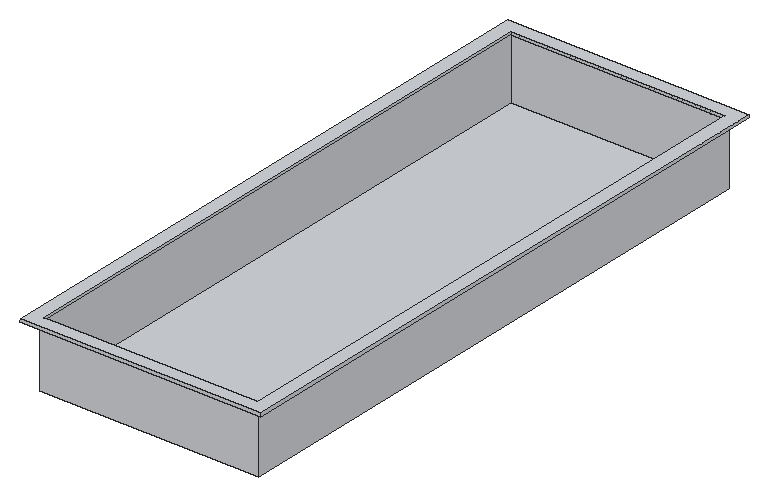
Revit family "Hager-Volta-IP30-Hollow_wall-vide-CH-fr", category Electrical Equipment, host Face, Revit 2020
Family settings
  Host = Face
  Panel Configuration = Two Columns, Circuits Across
  Round Connector Dimension = Use Diameter
  Part Type = Panelboard
  Cut with Voids When Loaded = No
  Shared = No
  Room Calculation Point = No
Parameters (values of type "Encastré  L330 H880 P94.5 12 Modules - VH60NK")
  Width Control [instance] = if([HG000006 - Encastré], if([EF000846 - largeur d'encastrement] > min_whd, [EF000846 - largeur d'encastrement], min_whd), if([EF000008 - largeur] > min_whd, ([EF000008 - largeur]), min_whd))  # 314 mm
  Void Depth [instance] = if([HG000006 - Encastré], Depth Control, 1 mm)  # 90 mm
  Type Comments = [HG000003 - Gamme]  # "Volta"
  System Height [instance] = Height Control - 2 * [HG000005 - Epaisseur]  # 840 mm
  Model = [HG000004 - Référence fabricant]  # "VH60NK"
  HG000017 - Distance entre pôles = 18 mm
  HG000016 - Visibilité de la porte 3D [instance] = yes
  HG000015 - Visibilité de l'emprise de la porte [instance] = no
  HG000014 - Porte à droite [instance] = yes
  HG000013 - Porte à gauche [instance] = not([HG000014 - Porte à droite])  # no
  HG000012 - Angle de pivotement de la porte [instance] = 45.00°
  HG000011 - Rangées du bas vides = no
  HG000010 - Portes asymétriques = no
  HG000009 - Porte à double battant = no
  HG000008 - Nombre de rangées vides = 0
  HG000007 - Nombre de colonnes vides = 0
  HG000006 - Encastré = yes
  HG000005 - Epaisseur = 3 mm  # constant formula
  HG000004 - Référence fabricant = "VH60NK"
  HG000003 - Gamme = "Volta"
  HG000002 - avec porte = no
  HG000001 - nombre de colonnes = 0
  EF015941 - porte pour transmission du signal = no
  EF015777 - borne à conducteur neutre = no
  EF015776 - borne de mise à la terre = no
  EF009212 - finition du couvercle = "EV000116 - fermé"
  EF006306 - avec serrure = no
  EF006244 - couvercle/porte transparent(e) = no
  EF005474 - indice de protection (IP) = ""
  EF004462 - type de fermeture = ""
  EF002950 - largeur en nombre de modules = 12
  EF001596 - matériau du boîtier/corps = "EV000139 - plastique"
  EF001134 - rail DIN = no
  EF001131 - profondeur intérieure = 92 mm
  EF001088 - possibilité de montage en saillie = yes
  EF001062 - finition CEM = yes
  EF000846 - largeur d'encastrement = 314 mm
  EF000339 - type de capot = ""
  EF000332 - hauteur d'encastrement = 846 mm
  EF000266 - nombre de rangées = 5
  EF000218 - profondeur d'encastrement = 90 mm
  EF000118 - avec cadre/support de montage = no
  EF000116 - numéro RAL = "9010"
  EF000049 - profondeur = 94 mm
  EF000040 - hauteur = 880 mm
  EF000008 - largeur = 330 mm
  EF000007 - couleur = "EV000202 - blanc"
  EF000003 - mode de pose = "EV000128 - mur creux"
  Arrow Offset [instance] = Depth Control / 8  # 11.25 mm
  Arrow Height [instance] = Depth Control - Arrow Offset  # 78.75 mm
  Host Offset [instance] = if([HG000006 - Encastré], 0 mm, [EF000049 - profondeur])  # 0 mm
  min_whd [instance] = (2 * [HG000005 - Epaisseur]) + 1 mm  # 7 mm
  Manufacturer = "Hager"  # constant formula
  Height Control [instance] = if([HG000006 - Encastré], if([EF000332 - hauteur d'encastrement] > min_whd, [EF000332 - hauteur d'encastrement], min_whd), if([EF000040 - hauteur] > min_whd, ([EF000040 - hauteur]), min_whd))  # 846 mm
  Flush Mounted - Door Frame Width [instance] = if(([EF000040 - hauteur] - [EF000332 - hauteur d'encastrement]) > 0 mm, if([HG000006 - Encastré], [EF000040 - hauteur] - [EF000332 - hauteur d'encastrement], 0 mm), 0 mm)  # 34 mm
  Depth Control [instance] = if([HG000006 - Encastré], if([EF000218 - profondeur d'encastrement] > 0 mm, [EF000218 - profondeur d'encastrement], 1 mm), if([EF000049 - profondeur] > 0 mm, ([EF000049 - profondeur]), 1 mm))  # 90 mm
  Default Elevation = 0 mm
Types (5, lengths in mm): name | System Height | Model | HG000004 - Référence fabricant | EF000332 - hauteur d'encastrement | EF000266 - nombre de rangées | EF000040 - hauteur | Height Control | Flush Mounted - Door Frame Width
  Encastré  L330 H355 P94.5 12 Modules - VH12NK | 340 | "VH12NK" | "VH12NK" | 346 | 1 | 355 | 346 | 9
  Encastré  L330 H484 P94.5 12 Modules - VH24NK | 465 | "VH24NK" | "VH24NK" | 471 | 2 | 484 | 471 | 13
  Encastré  L330 H609 P94.5 12 Modules - VH36NK | 590 | "VH36NK" | "VH36NK" | 596 | 3 | 609 | 596 | 13
  Encastré  L330 H734 P94.5 12 Modules - VH48NK | 715 | "VH48NK" | "VH48NK" | 721 | 4 | 734 | 721 | 13
  Encastré  L330 H880 P94.5 12 Modules - VH60NK | 840 | "VH60NK" | "VH60NK" | 846 | 5 | 880 | 846 | 34
Reference planes
  plane 1 "Center (Front/Back)": y = 0
  plane 2: z = 0
  plane 3 "Center (Left/Right)": x = 0
  plane 4: z = 0
  plane 5: y = 37
  plane 6: z = -5
  plane 7: y = 457
  plane 8: y = 34
  plane 9: y = 880
  plane 10: z = -90
  plane 11: x = -157
  plane 12: x = 157
  plane 13: x = 154
  plane 14: x = -154
  plane 15: y = 877
  plane 16: z = -87
  plane 17: z = -3
  plane 18: z = -90
  plane 19: z = -3
Forms (mm)
  Extrusion 1, solid
    sketch origin (-583.045, 34, 1219.2) x (-1, 0, 0) y (0, 0, 1)
      loop
        line (-426.045, -1219.2) -> (-740.045, -1219.2) -> (-740.045, -1309.2) -> (-426.045, -1309.2) -> (-426.045, -1219.2)
    from 0 to 846 <- "Height Control"
  Extrusion 2, void
    sketch origin (-381.607, -4572, 0) x (0, -1, 0) y (-1, 0, 0)
      loop
        line (-5449, -227.607) -> (-5449, -535.607) -> (-4609, -535.607) -> (-4609, -227.607) -> (-5449, -227.607)
    from 0 to 87
  Extrusion 3, void
    sketch origin (0, 0, 0) x (1, 0, 0) y (0, 1, 0)
      loop
        line (-157, 34) -> (157, 34) -> (157, 880) -> (-157, 880) -> (-157, 34)
    from -90 to 1
  Extrusion 4, solid, detail levels coarse+medium
    sketch origin (-381.607, -4572, 0) x (-1, 0, 0) y (0, -1, 0)
      loop
        line (-227.607, -5449) -> (-227.607, -4609) -> (-535.607, -4609) -> (-535.607, -5449) -> (-227.607, -5449)
    from 0 to -3
Cuts and joins
  Extrusion 2 cuts Extrusion 1
Dimensions and locks
  plane 4 to plane 6 = 5 mm
  "Host Offset": plane 4 to host face
  "Flush Mounted - Door Frame Width": plane 1 "Center (Front/Back)" to plane 8
  "HG000005 - Epaisseur": plane 5 to plane 8
  locked: connector elem to plane 3 "Center (Left/Right)"
  "Height Control": plane 9 to plane 8
  equal spacing: plane 9, plane 7, plane 8
  locked: connector elem to plane 7
  "Depth Control": plane 4 to plane 10
  "HG000005 - Epaisseur": plane 11 to plane 14
  "HG000005 - Epaisseur": plane 12 to plane 13
  equal spacing: plane 11, plane 3 "Center (Left/Right)", plane 12
  "Width Control": plane 11 to plane 12
  "Arrow Offset": nested 4 to plane 10
  "HG000005 - Epaisseur": plane 9 to plane 15
  "HG000005 - Epaisseur": plane 16 to plane 10
  "HG000005 - Epaisseur": plane 4 to plane 17
  "Void Depth": plane 2 to plane 18
  "HG000005 - Epaisseur": plane 4 to plane 19
  aligned and locked: plane 2 to host face
  aligned and locked: level to host face
  aligned and locked: plane 3 "Center (Left/Right)" to nested 2
  aligned and locked: plane 4 to nested 2
  aligned and locked: nested 2 to plane 8
  aligned and locked: nested 1 to plane 6
  aligned and locked: plane 5 to nested 1
  aligned and locked: nested 4 to plane 11
  aligned and locked: nested 3 to plane 4
  aligned and locked: Extrusion 1 sketch curve to plane 12
  aligned and locked: Extrusion 1 sketch curve to plane 11
  aligned and locked: nested 3 to plane 10
  aligned and locked: plane 10 to Extrusion 1 sketch curve
  aligned and locked: plane 5 to Extrusion 2 sketch curve
  aligned and locked: Extrusion 2 sketch curve to plane 15
  aligned and locked: Extrusion 2 sketch curve to plane 14
  aligned and locked: Extrusion 2 sketch curve to plane 13
  aligned and locked: plane 11 to Extrusion 3 sketch curve
  aligned and locked: plane 9 to Extrusion 3 sketch curve
  aligned and locked: Extrusion 3 sketch curve to plane 8
  aligned and locked: plane 12 to Extrusion 3 sketch curve
  aligned and locked: nested 3 to plane 12
  aligned and locked: Extrusion 3 to plane 18
  aligned and locked: Extrusion 2 to plane 16
  aligned and locked: Extrusion 1 sketch curve to plane 4
  aligned and locked: Extrusion 4 to plane 17
  aligned and locked: Extrusion 4 sketch curve to plane 15
  aligned and locked: Extrusion 4 sketch curve to plane 13
  aligned and locked: Extrusion 4 sketch curve to plane 14
  aligned and locked: plane 5 to Extrusion 4 sketch curve
Automatic sketch dimensions
  host sketch curve to host sketch curve = 1469.727 mm
  host sketch curve to host sketch curve = 1434.803 mm
Nested families
  nested 1: "Hager_Enclosure_System" at (0, 37, -5) x (1, 0, 0) z (0, 1, 0), Depth <- "HG000005 - Epaisseur", Height <- "System Height", Width <- "EF000008 - largeur", Border <- "HG000005 - Epaisseur", Flush_Mounted <- "HG000006 - Encastré", Built-in_Width <- "EF000846 - largeur d'encastrement", Row_Module_Multiplicator <- "EF002950 - largeur en nombre de modules", Total_No_Empty_Rows <- "HG000008 - Nombre de rangées vides", Total_No_Rows <- "EF000266 - nombre de rangées", Empty_Columns <- "HG000007 - Nombre de colonnes vides", Width_Control <- "Width Control", Empty_Rows_From_Bottom <- "HG000011 - Rangées du bas vides", Distance_Between_Poles <- "HG000017 - Distance entre pôles", Rows_Count <- "EF000266 - nombre de rangées", Columns_Count <- "HG000001 - nombre de colonnes", type "Hager_Enclosure_System", detail levels fine
    with Width_Control 314 mm, Width 330 mm, Total_No_Rows 5, Total_No_Empty_Rows 0, Total_No_Columns 1, System_Width 308 mm, Rows_Count 5, Rows_Column 5, Row_Module_Multiplicator 12, Panel_4 no, Panel_3 no, Panel_2 no, Panel_1 no, No_Panels_Ctrl 1, Hide_Columns yes, Height 840 mm, Flush_Mounted yes, Empty_Rows_From_Bottom no, Empty_Rows_Column 0, Empty_Columns 0, Distance_Between_Poles 18 mm, Depth 3 mm, Columns_Count 0, Column_Width 308 mm, Built-in_Width 314 mm, Border 3 mm
  nested 2: "Hager_Enclosure_Door" at (0, 34, 0) x (1, 0, 0) z (0, 1, 0), Border <- "HG000005 - Epaisseur", Door_Right <- "HG000014 - Porte à droite", Flush_Mounted <- "HG000006 - Encastré", Depth <- "EF000049 - profondeur", Width <- "EF000008 - largeur", Door_Left <- "HG000013 - Porte à gauche", 3d_Door <- "HG000016 - Visibilité de la porte 3D", BuiltIn_Width <- "EF000846 - largeur d'encastrement", BuiltIn_Height <- "EF000332 - hauteur d'encastrement", BuiltIn_Depth <- "EF000218 - profondeur d'encastrement", Angle <- "HG000012 - Angle de pivotement de la porte", Assymetrical <- "HG000010 - Portes asymétriques", Double <- "HG000009 - Porte à double battant", Clearance <- "HG000015 - Visibilité de l'emprise de la porte", Transparent <- "EF006244 - couvercle/porte transparent(e)", Door <- "HG000002 - avec porte", Height_Ctrl <- "Height Control", Width_Ctrl <- "Width Control", Height <- "EF000040 - hauteur", type "Hager_Enclosure_Door", detail levels medium+fine
    with min_wh 7 mm, Width_Ctrl 314 mm, Width 330 mm, Transparent_Door_No_Bottom_Border no, Transparent no, Leaf_Width 305 mm, Leaf_Tolerance 1.5 mm, Leaf_Height 837 mm, Leaf_2_Width 305 mm, Leaf_2_Offset 152.5 mm, Leaf_1_Width 305 mm, Leaf_1_Offset 152.5 mm, Height_Ctrl 846 mm, Height 880 mm, Frame_Width_Ctrl 16 mm, Frame_Width 16 mm, Frame_Internal_Offset 3 mm, Frame_Height_Ctrl 34 mm, Frame_Height 34 mm, Frame_Depth_Ctrl 4 mm, Frame_Depth 4 mm, Flush_Mounted yes, Double_Clearance_Ctrl no, Double no, Door_Right_Ctrl no, Door_Right yes, Door_Left_Ctrl no, Door_Left no, Door no, Depth 94 mm, Clearance_Depth 305 mm, Clearance_Ctrl no, Clearance no, BuiltIn_Width 314 mm, BuiltIn_Height 846 mm, BuiltIn_Depth 90 mm, Border 3 mm, Assymetrical no, Angle 45.00°, 3d_Door yes
  nested 3: "Hager_Enclosure_Symbol_Triangle" at (-157, 0, -90) x (1, 0, 0) z (0, -1, 0), Depth <- "Depth Control", Width <- "Width Control", type "Hager_Enclosure_Symbol_Triangle"
    with Width_Ctrl 314 mm, Width 314 mm, Depth_Ctrl 90 mm, Depth 90 mm
  nested 4: "Hager_Enclosure_Symbol_Arrow" at (-157, 0, -78.75) x (1, 0, 0) z (0, -1, 0), Height <- "Arrow Height", type "Hager_Enclosure_Symbol_Arrow"
    with Width_Inside 5.906 mm, Width 70.875 mm, Height_Ctrl 78.75 mm, Height 78.75 mm
Connectors
  electrical at (0, 457, -90)
    settings: on plane 10, index 1, voltage 0 V, apparent load 0 VA, apparent load phase1 0 VA, apparent load phase2 0 VA, apparent load phase3 0 VA, power factor 1, load classification "Other", number of poles 1, system type 30, power factor state 1, is connector primary yes, connector utility no, sub classification motor no, connector description ""
Definition of nested family "Hager_Enclosure_Door"
  Parameters (values of type "Hager_Enclosure_Door")
    min_wh [instance] = (2 * Border) + 1 mm  # 11 mm
    Width_Ctrl [instance] = 400 mm
    Width [instance] = 500 mm
    Transparent_Door_No_Bottom_Border [instance] = no
    Transparent [instance] = yes
    Leaf_Width [instance] = if((Width_Ctrl - 2 * Border - 2 * Leaf_Tolerance) > 0 mm, (Width_Ctrl - 2 * Border - 2 * Leaf_Tolerance), min_wh)  # 387 mm
    Leaf_Tolerance [instance] = 1.5 mm  # constant formula
    Leaf_Height [instance] = if((Height_Ctrl - 2 * Border - 2 * Leaf_Tolerance) > 0 mm, (Height_Ctrl - 2 * Border - 2 * Leaf_Tolerance), min_wh)  # 387 mm
    Leaf_2_Width [instance] = if(and(and(Double, Assymetrical), Door_Left), (Leaf_Width / 3) - (Leaf_Tolerance / 2), if(and(and(Double, Assymetrical), Door_Right), (Leaf_Width / 3) * 2 - (Leaf_Tolerance / 2), if(and(Double, not(Assymetrical)), (Leaf_Width / 2) - Leaf_Tolerance, Leaf_Width)))  # 387 mm
    Leaf_2_Offset [instance] = if(and(Double, Assymetrical), Leaf_2_Width / 2, if(and(Double, not(Assymetrical)), Leaf_Width / 4, Leaf_Width / 2))  # 193.5 mm
    Leaf_1_Width [instance] = if(and(and(Double, Assymetrical), Door_Right), (Leaf_Width / 3) - (Leaf_Tolerance / 2), if(and(and(Double, Assymetrical), Door_Left), (Width / 3) * 2 - (Leaf_Tolerance / 2), if(and(Double, not(Assymetrical)), (Leaf_Width / 2) - Leaf_Tolerance, Leaf_Width)))  # 387 mm
    Leaf_1_Offset [instance] = if(and(Double, Assymetrical), Leaf_1_Width / 2, if(and(Double, not(Assymetrical)), Leaf_Width / 4, Leaf_Width / 2))  # 193.5 mm
    Height_Ctrl [instance] = 400 mm
    Height [instance] = 500 mm
    Frame_Width_Ctrl [instance] = if(Frame_Width > 0 mm, Frame_Width, 1 mm)  # 1 mm
    Frame_Width [instance] = Width - BuiltIn_Width  # 0 mm
    Frame_Internal_Offset [instance] = if(Flush_Mounted, Border, 0 mm)  # 5 mm
    Frame_Height_Ctrl [instance] = if(Frame_Height > 0 mm, Frame_Height, 1 mm)  # 1 mm
    Frame_Height [instance] = Height - BuiltIn_Height  # 0 mm
    Frame_Depth_Ctrl [instance] = if(Frame_Depth > 0 mm, Frame_Depth, 1 mm)  # 1 mm
    Frame_Depth [instance] = if(Depth - BuiltIn_Depth > 0 mm, if(Flush_Mounted, Depth - BuiltIn_Depth, 0 mm), 0 mm)  # 0 mm
    Flush_Mounted [instance] = yes
    Double_Clearance_Ctrl [instance] = and(Double, Clearance)  # no
    Double [instance] = no
    Door_Right_Ctrl [instance] = and(or(Door_Right, Double), Door)  # yes
    Door_Right [instance] = yes
    Door_Left_Ctrl [instance] = and(or(Door_Left, Double), Door)  # no
    Door_Left [instance] = no
    Door [instance] = yes
    Depth [instance] = 500 mm
    Default Elevation = 1219.2 mm
    Clearance_Material = none
    Clearance_Depth [instance] = if(Leaf_1_Width > Leaf_2_Width, Leaf_1_Width, Leaf_2_Width)  # 387 mm
    Clearance_Ctrl [instance] = and(not(Double), Clearance)  # yes
    Clearance [instance] = yes
    BuiltIn_Width [instance] = 500 mm
    BuiltIn_Height [instance] = 500 mm
    BuiltIn_Depth [instance] = 500 mm
    Border [instance] = 5 mm
    Assymetrical [instance] = yes
    Angle [instance] = 30.00°
    3d_Door [instance] = yes
  Reference planes
    plane 1 "Center (Front/Back)": y = 0
    plane 2 "Bottom": z = 0
    plane 3 "Center (Left/Right)": x = 0
    plane 4: z = 400
    plane 5: x = -200
    plane 6: x = 200
    plane 7: z = 395
    plane 8: x = -195
    plane 9: z = 5
    plane 10: x = 195
    plane 11: y = 0
    plane 12: z = 6.5
    plane 13: x = -582
    plane 14: y = -387
    plane 15: x = 582
    plane 16: x = 0
    plane 17: x = 0
    plane 18: x = -193.5
    plane 19: x = 193.5
    plane 20: z = 393.5
  Forms (mm)
    Extrusion 1, solid, visible <- "Flush_Mounted"
      sketch origin (0, 0, 0) x (1, 0, 0) y (0, 0, 1)
        loop
          line (195, 5) -> (195, 395) -> (-195, 395) -> (-195, 5) -> (195, 5)
        loop
          line (-201, 401) -> (-201, -1) -> (201, -1) -> (201, 401) -> (-201, 401)
      from 0 to 1 <- "Frame_Depth_Ctrl"
    Extrusion 2, solid, material <- "Clearance_Material", visible <- "Double_Clearance_Ctrl"
      sketch origin (1200, 0, 0) x (1, 0, 0) y (0, 0, -1)
        loop
          line (-1782, -393.5) -> (-618, -393.5) -> (-618, 0) -> (-1782, 0) -> (-1782, -393.5)
      from 0 to -387
  Dimensions and locks
    equal spacing: plane 5, plane 3 "Center (Left/Right)", plane 6
    "Width_Ctrl": plane 5 to plane 6
    "Border": plane 5 to plane 8
    "Border": plane 6 to plane 10
    "Border": plane 9 to level
    "Border": plane 4 to plane 7
    "Height_Ctrl": plane 4 to level
    "Leaf_Tolerance": plane 12 to plane 9
    "Frame_Depth": plane 11 to plane 1 "Center (Front/Back)"
    "Frame_Width_Ctrl": plane 5 to Extrusion 1 sketch curve
    "Frame_Width_Ctrl": plane 6 to Extrusion 1 sketch curve
    "Frame_Width_Ctrl": Extrusion 1 sketch curve to plane 4
    "Frame_Width_Ctrl": plane 2 "Bottom" to Extrusion 1 sketch curve
    "Leaf_1_Offset": plane 18 to plane 16
    "Leaf_2_Offset": plane 17 to plane 19
    "Leaf_1_Width": plane 13 to plane 8
    "Leaf_2_Width": plane 10 to plane 15
    "Clearance_Depth": plane 14 to plane 1 "Center (Front/Back)"
    "Leaf_Tolerance": plane 8 to plane 18
    "Leaf_Tolerance": plane 19 to plane 10
    "Leaf_Tolerance": plane 7 to plane 20
    "Frame_Internal_Offset": plane 5 to Extrusion 1 sketch curve
    "Frame_Internal_Offset": Extrusion 1 sketch curve to plane 2 "Bottom"
    "Frame_Internal_Offset": plane 6 to Extrusion 1 sketch curve
    "Frame_Internal_Offset": plane 4 to Extrusion 1 sketch curve
    aligned and locked: level to plane 2 "Bottom"
    aligned and locked: nested 1 to plane 16
    aligned and locked: nested 2 to plane 17
    aligned and locked: Extrusion 2 to plane 13
    aligned and locked: plane 15 to Extrusion 2
    aligned and locked: Extrusion 2 to plane 14
    aligned and locked: plane 12 to nested 1
    aligned and locked: nested 2 to plane 12
    aligned and locked: Extrusion 2 to plane 11
    aligned and locked: plane 20 to Extrusion 2
    aligned and locked: nested 2 to plane 11
    aligned and locked: nested 1 to plane 11
  Automatic sketch dimensions
    Extrusion 2 sketch curve to level = 0 mm
    plane 5 to Extrusion 2 sketch curve = 382 mm
    plane 6 to Extrusion 2 sketch curve = 382 mm
    Extrusion 2 sketch curve to plane 4 = 6.5 mm
  Nested families
    nested 1: "Hager_Enclosure_Door_Leaf" at (0, 0, 6.5), Width <- "Leaf_1_Width", visible <- "Door_Left_Ctrl", Leaf_Height <- "Leaf_Height", Angle <- "Angle", Depth <- "Border", 3d_Door <- "3d_Door", Transparent <- "Transparent", Clearance Material <- "Clearance_Material", Clearance <- "Clearance_Ctrl", Transparent_Door_No_Bottom_Border <- "Transparent_Door_No_Bottom_Border", type "Hager_Enclosure_Door_Leaf"
      with Width 387 mm, Transparent_Door_No_Bottom_Border no, Transparent_Door_Border_Bottom_Top 25 mm, Transparent_Door_Border 25 mm, Transparent_Ctrl yes, Transparent yes, Standard no, Leaf_Height 387 mm, Glass_Offset 1 mm, Depth 5 mm, Clearance Material none, Clearance yes, Angle_Ctrl 30.00°, Angle 30.00°, 3d_Door yes
    nested 2: "Hager_Enclosure_Door_Leaf" at (0, 0, 6.5) x (-1, 0, 0) z (0, 0, 1), Width <- "Leaf_2_Width", visible <- "Door_Right_Ctrl", Leaf_Height <- "Leaf_Height", Angle <- "Angle", Depth <- "Border", 3d_Door <- "3d_Door", Transparent <- "Transparent", Clearance Material <- "Clearance_Material", Clearance <- "Clearance_Ctrl", Transparent_Door_No_Bottom_Border <- "Transparent_Door_No_Bottom_Border", type "Hager_Enclosure_Door_Leaf"
      with Width 387 mm, Transparent_Door_No_Bottom_Border no, Transparent_Door_Border_Bottom_Top 25 mm, Transparent_Door_Border 25 mm, Transparent_Ctrl yes, Transparent yes, Standard no, Leaf_Height 387 mm, Glass_Offset 1 mm, Depth 5 mm, Clearance Material none, Clearance yes, Angle_Ctrl 30.00°, Angle 30.00°, 3d_Door yes
  Definition of nested family "Hager_Enclosure_Door_Leaf"
    Parameters (values of type "Hager_Enclosure_Door_Leaf")
      Width [instance] = 2000 mm
      Transparent_Door_No_Bottom_Border [instance] = yes
      Transparent_Door_Border_Bottom_Top [instance] = if(Transparent_Door_No_Bottom_Border, 0.1 mm, Transparent_Door_Border)  # 0.1 mm
      Transparent_Door_Border [instance] = if(Transparent_Door_No_Bottom_Border, (Width * 0.12), 25 mm)  # 240 mm
      Transparent_Ctrl [instance] = and(Transparent, [3d_Door])  # yes
      Transparent [instance] = yes
      Standard [instance] = and(not(Transparent), [3d_Door])  # no
      Leaf_Height [instance] = 2720.336 mm
      Glass_Offset [instance] = if((Depth - 10 mm) / 2 > 0 mm, (Depth - 10 mm) / 2, 1 mm)  # 15 mm
      Glass_Material = none
      Depth [instance] = 40 mm
      Default Elevation = 0 mm
      Clearance Material [instance] = none
      Clearance [instance] = yes
      Angle_Ctrl [instance] = if(Angle > 170.00°, 170.00°, Angle)  # 45.00°
      Angle [instance] = 45.00°
      3d_Door [instance] = yes
    Reference planes
      plane 1 "Center (Front/Back)": y = 0
      plane 2: z = 0
      plane 3 "Center (Left/Right)": x = 0
      plane 4: y = 2000
      plane 5: x = -1000
      plane 6: x = 1000
      plane 7: x = -3000
      plane 8: z = 2720.336
      plane 9: z = 0.1
      plane 10: z = 2720.236
      plane 11: x = 760
      plane 12: x = -760
    Forms (mm)
      Extrusion 1, solid, material <- "Clearance Material", visible <- "Clearance"
        sketch origin (0, 0, 0) x (1, 0, 0) y (0, 0, 1)
          loop
            line (-3000, 2720.336) -> (-3000, 0) -> (1000, 0) -> (1000, 2720.336) -> (-3000, 2720.336)
        from 0 to -2000
      Extrusion 2, solid, visible <- "Standard", detail levels medium+fine
        sketch origin (-1000, 0, 0) x (0.707107, 0.707107, 0) y (-0.707107, 0.707107, 0)
          loop
            line (0, -40) -> (2000, -40) -> (2000, 0) -> (0, 0) -> (0, -40)
        from 0 to 2720.336 <- "Leaf_Height"
      Extrusion 3, solid, visible <- "Transparent_Ctrl", detail levels medium+fine
        sketch origin (-1000, 0, 0) x (0.707107, 0.707107, 0) y (-0.707107, 0.707107, 0)
          loop
            line (0, -40) -> (2000, -40) -> (2000, 0) -> (0, 0) -> (0, -40)
        from 0 to 2720.336 <- "Leaf_Height"
      Extrusion 4, void, detail levels medium+fine
        sketch origin (-1000, 0, 0) x (-0.707107, 0.707107, 0) y (0.707107, 0.707107, 0)
          loop
            line (0, 240) -> (0, 1760) -> (-40, 1760) -> (-40, 240) -> (0, 240)
        from -2720.236 to -0.1
      Extrusion 5, solid, material <- "Glass_Material", visible <- "Transparent_Ctrl", detail levels medium+fine
        sketch origin (-1000, 0, 0) x (0.707107, 0.707107, 0) y (-0.707107, 0.707107, 0)
          loop
            line (240, -15) -> (240, -25) -> (1760, -25) -> (1760, -15) -> (240, -15)
        from 0.1 to 2720.236
    Cuts and joins
      Extrusion 4 cuts Extrusion 3
    Lines and regions (mm)
      symbolic lines
        curve 1: line (1000, 0, 0) -> (-3000, 0, 0)
        curve 2: arc (1000, 0, 0) -> (-1000, 2000, 0) -> (-3000, 0, 0) r 2000
        curve 4: line (-1000, 0, 0) -> (414.214, 1414.214, 0)
      reference lines
        curve 3: line (-1000, 0, 0) -> (414.214, 1414.214, 0)
      symbolic lines, detail levels medium+fine
        curve 5: line (414.214, 1414.214, 0) -> (442.498, 1385.929, 0)
        curve 6: line (442.498, 1385.929, 0) -> (-971.716, -28.284, 0)
        curve 7: line (-971.716, -28.284, 0) -> (-1000, 0, 0)
        curve 8: line (-1000, 0, 2720.336) -> (1000, 0, 2720.336)
        curve 9: line (-1000, 0, 0) -> (-1000, 0, 2720.336)
        curve 10: line (1000, 0, 0) -> (-1000, 0, 0)
        curve 11: line (1000, 0, 2720.336) -> (1000, 0, 0)
      symbolic lines, visible <- "Transparent_Ctrl", detail levels medium+fine
        curve 12: line (-760, 0, 2720.236) -> (760, 0, 2720.236)
        curve 13: line (-760, 0, 0.1) -> (-760, 0, 2720.236)
        curve 14: line (760, 0, 0.1) -> (-760, 0, 0.1)
        curve 15: line (760, 0, 2720.236) -> (760, 0, 0.1)
    Dimensions and locks
      "Width": plane 1 "Center (Front/Back)" to plane 4
      equal spacing: plane 5, plane 3 "Center (Left/Right)", plane 6
      "Width": plane 5 to plane 6
      "Width": plane 7 to plane 5
      "Leaf_Height": plane 8 to level
      "Depth": curve 6 to curve 3
      "Width": curve 5 to curve 3
      "Width": curve 3 to curve 3
      "Transparent_Door_Border": Extrusion 4 sketch curve to curve 7
      "Transparent_Door_Border": Extrusion 4 sketch curve to curve 5
      "Transparent_Door_Border_Bottom_Top": plane 8 to plane 10
      "Transparent_Door_Border_Bottom_Top": plane 9 to level
      "Glass_Offset": Extrusion 5 sketch curve to curve 4
      "Glass_Offset": Extrusion 5 sketch curve to curve 6
      "Transparent_Door_Border": Extrusion 5 sketch curve to curve 5
      "Transparent_Door_Border": Extrusion 5 sketch curve to curve 7
      "Transparent_Door_Border": plane 12 to plane 5
      "Transparent_Door_Border": plane 6 to plane 11
      "Angle_Ctrl": angle plane 1 "Center (Front/Back)" to curve 3
      aligned and locked: level to plane 2
      aligned and locked: Extrusion 1 to curve 1
      aligned and locked: plane 6 to Extrusion 1
      aligned and locked: Extrusion 1 to plane 1 "Center (Front/Back)"
      aligned and locked: plane 4 to Extrusion 1
      aligned and locked: plane 8 to Extrusion 1
      aligned and locked: curve 4 to curve 3
      aligned and locked: Extrusion 2 sketch curve to curve 7
      aligned and locked: Extrusion 2 sketch curve to curve 6
      aligned and locked: Extrusion 2 sketch curve to curve 5
      aligned and locked: Extrusion 2 sketch curve to curve 3
      aligned and locked: curve 7 to Extrusion 3 sketch curve
      aligned and locked: Extrusion 3 sketch curve to curve 4
      aligned and locked: Extrusion 3 sketch curve to curve 6
      aligned and locked: Extrusion 3 sketch curve to curve 5
      aligned and locked: curve 4 to Extrusion 4 sketch curve
      aligned and locked: curve 6 to Extrusion 4 sketch curve
      aligned and locked: Extrusion 4 to plane 9
      aligned and locked: Extrusion 4 to plane 10
      aligned and locked: Extrusion 5 to plane 9
      aligned and locked: Extrusion 5 to plane 10
      aligned and locked: curve 8 to plane 8
      aligned and locked: plane 5 to curve 9
      aligned and locked: plane 2 to curve 10
      aligned and locked: curve 11 to plane 6
      aligned and locked: plane 10 to curve 12
      aligned and locked: plane 12 to curve 13
      aligned and locked: curve 14 to plane 9
      aligned and locked: plane 11 to curve 15
    Automatic sketch dimensions
      plane 1 "Center (Front/Back)" to curve 2 = 0 mm
      curve 2 to plane 5 = 0 mm
      Extrusion 1 sketch curve to level = 0 mm
      Extrusion 1 sketch curve to plane 7 = 0 mm
      Extrusion 1 sketch curve to plane 6 = 0 mm
      Extrusion 1 sketch curve to plane 8 = 0 mm
      plane 1 "Center (Front/Back)" to curve 3 = 0 mm
      curve 3 to plane 5 = 0 mm
      curve 7 to curve 3 = 0 mm
Definition of nested family "Hager_Enclosure_Symbol_Triangle"
  Parameters (values of type "Hager_Enclosure_Symbol_Triangle")
    Width_Ctrl [instance] = if(Width > 1 mm, Width, 1 mm)  # 498 mm
    Width [instance] = 498 mm
    Depth_Ctrl [instance] = if(Depth > 1 mm, Depth, 1 mm)  # 72 mm
    Depth [instance] = 72 mm
  Reference planes
    plane 1 "Centre (avant/arrière)": y = 0
    plane 2: z = 0
    plane 3 "Centre (gauche/droite)": x = 0
  Lines and regions (mm)
    Filled region 1, type "Solid_Black", in view "Niveau de réf."
      outline origin (0, 0, 0) x (1, 0, 0) y (0, 1, 0)
        loop
          line (0, 0) -> (498, 0) -> (498, 72) -> (0, 0)
    reference lines, in view "Niveau de réf."
      curve 1: line (-206.153, 72, 0) -> (1083.258, 72, 0)
      curve 2: line (498, 405.456, 0) -> (498, -517.619, 0)
  Dimensions and locks
    "Depth_Ctrl": plane 1 "Centre (avant/arrière)" to curve 1
    "Width_Ctrl": plane 3 "Centre (gauche/droite)" to curve 2
    aligned and locked: curve 1 to Filled region 1 sketch curve
    aligned and locked: Filled region 1 sketch curve to plane 1 "Centre (avant/arrière)"
    aligned and locked: curve 2 to Filled region 1 sketch curve
    aligned and locked: plane 3 "Centre (gauche/droite)" to Filled region 1 sketch curve
    aligned and locked: plane 1 "Centre (avant/arrière)" to Filled region 1 sketch curve
  Automatic sketch dimensions
    curve 1 to plane 3 "Centre (gauche/droite)" = 206.153 mm
    curve 2 to curve 1 = 585.258 mm
    plane 1 "Centre (avant/arrière)" to curve 2 = 517.619 mm
    curve 2 to plane 1 "Centre (avant/arrière)" = 405.456 mm
Definition of nested family "Hager_Enclosure_Symbol_Arrow"
  Parameters (values of type "Hager_Enclosure_Symbol_Arrow")
    Width_Inside [instance] = if(Width / 12 > 2 mm, Width / 12, 2 mm)  # 4.987 mm
    Width [instance] = if(Height_Ctrl * 0.9 > 2 mm, Height_Ctrl * 0.9, 2 mm)  # 59.85 mm
    Height_Ctrl [instance] = if(Height > 2 mm, Height, 2 mm)  # 66.5 mm
    Height [instance] = 66.5 mm
  Reference planes
    plane 1 "Centre (avant/arrière)": y = 0
    plane 2: z = 0
    plane 3 "Centre (gauche/droite)": x = 0
    plane 4: x = 59.85
    plane 5: y = 28.263
    plane 6: y = 38.238
    plane 7: y = 66.5
    plane 8: x = 29.925
    plane 9: y = 33.25
  Lines and regions (mm)
    Filled region 1, type "Solid_Black", in view "Niveau de réf."
      outline origin (0, 0, 0) x (1, 0, 0) y (0, 1, 0)
        loop
          line (59.85, 66.5) -> (37.929, 52.827) -> (51.846, 41.935) -> (59.85, 66.5)
    detail lines, in view "Niveau de réf."
      curve 1: line (0, 0, 0) -> (29.925, 38.238, 0)
      curve 2: line (29.925, 38.238, 0) -> (29.925, 28.263, 0)
      curve 3: line (29.925, 28.263, 0) -> (59.85, 66.5, 0)
  Dimensions and locks
    "Width": plane 3 "Centre (gauche/droite)" to plane 4
    "Height_Ctrl": plane 7 to plane 1 "Centre (avant/arrière)"
    equal spacing: plane 3 "Centre (gauche/droite)", plane 8, plane 4
    equal spacing: plane 7, plane 9, plane 1 "Centre (avant/arrière)"
    equal spacing: plane 6, plane 9, plane 5
    "Width_Inside": plane 6 to plane 9
    equal spacing: curve 3, Filled region 1 sketch curve, Filled region 1 sketch curve
    angle Filled region 1 sketch curve to curve 3 = 20.00°
    angle curve 3 to Filled region 1 sketch curve = 20.00°
    locked: curve 3 to Filled region 1 sketch curve (angle 90.00°)
  Automatic sketch dimensions
    plane 1 "Centre (avant/arrière)" to curve 1 = 0 mm
    curve 1 to plane 3 "Centre (gauche/droite)" = 0 mm
    curve 2 to plane 6 = 0 mm
    curve 3 to plane 8 = 0 mm
    curve 3 to plane 4 = 0 mm
    curve 2 to plane 5 = 0 mm
    curve 3 to plane 7 = 0 mm
    Filled region 1 sketch curve to plane 4 = 0 mm
    Filled region 1 sketch curve to plane 7 = 0 mm
